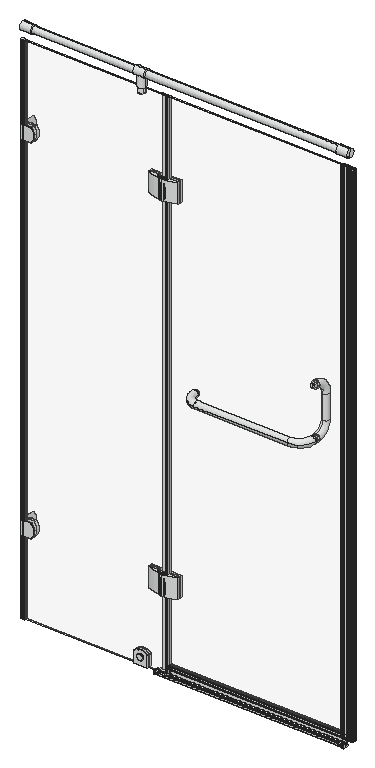
Revit family "Shower-Shower_Door-KOHLER-TRILGOY-K-72923T_1", category Specialty Equipment, host Face, Revit 2017
Family settings
  Host = Face
  Round Connector Dimension = Use Diameter
  Part Type = Normal
  OmniClass Number = 23.31.17.17
  OmniClass Title = Shower Enclosures
  Cut with Voids When Loaded = No
  Shared = No
  Room Calculation Point = No
Parameters (values of type "SHP-Polished Bright Silver")
  Width = 48 41/256"  # constant formula
  WaterSense Certified = 1 = 0  # no
  URL = "http://www.kohler.com.cn/"
  Type = 1
  Product Page URL = ""
  Product Name = "TRILGOY\r\n"  # constant formula
  Product Documentation Link = ""
  Model = if(Type = 1, "K-72923T-L-SHP", if(Type = 2, "K-72923T-L-2BL", "NA"))  # "K-72923T-L-SHP"
  Material = "Premium Metal Construction"  # constant formula
  Master Format 2014 Name = "Shower Doors"  # constant formula
  Master Format 2014 = "10 28 19.16"  # constant formula
  Manufacturer Address = "Kohler Beijing Office (100016) 36-2-03-B, No. 88, Liuxiang Road, Beijing"  # constant formula
  Manufacturer = "KOHLER Co."  # constant formula
  Length = 5 15/64"  # constant formula
  Height = 77 13/64"  # constant formula
  Finish = Kohler-Metal-SHP-Bright_Polished_Silver
  Environmental Product Declaration = ""
  Description = "Hinge screen, 1 door 1 panel on wall, 8mm thick glass"  # constant formula
  Default Elevation = 0"
  Declare Label = ""
  Date Modified = "08/26/2020"  # constant formula
  Date Created = "08/26/2020"  # constant formula
  Copyright = "Copyright KOHLER Co."  # constant formula
  Contact Us = "http://www.kohler.com.cn/contact/contact-us/"
  Assembly Code = "C1030200"
  ADA Compliant = 1 = 0  # no
Reference planes (in)
  plane 1 "Center (Front/Back)": y = 0
  plane 2: z = 0
  plane 3 "Center (Left/Right)": x = 0
  plane 4: z = 74.80315
  plane 5: z = 37.83465
  plane 6: z = 77.20313
  plane 7: x = -24.07977
  plane 8: x = 24.08039
  plane 9: y = 0.47244
  plane 10: y = -0.47235
  plane 11: y = -1.64196
  plane 12: y = -2.63016
  plane 13: y = 2.60422
  plane 14: x = 9.72755
  plane 15: x = 18.72493
  plane 16: x = 0.72715
  plane 17: x = 22.25591
  plane 18: x = -2.65784
  plane 19: z = 76.17148
  plane 20: z = 77.11636
  plane 21: y = 0.26003
  plane 22: y = -0.26003
Dimensions and locks (in)
  locked: plane 4 to plane 2 at 74.80315
  locked: plane 5 to plane 2 at 37.83465
  "Width": plane 7 to plane 8
  locked: plane 16 to plane 15 at 17.99778
  locked: plane 12 to plane 11 at 0.9882
  locked: plane 7 to plane 14 at 33.80732
  locked: plane 9 to plane 10 at 0.94479
  "Height": plane 6 to plane 2
  locked: plane 17 to plane 18 at 24.91375
  locked: plane 20 to plane 19 at 0.94488
  locked: plane 21 to plane 22 at 0.52006
  "Length": plane 13 to plane 12
  aligned and locked: plane 2 to host face
  aligned and locked: level to host face
Automatic sketch dimensions
  host sketch curve to host sketch curve = 96"  (x2)
Nested families (in)
  nested 1: "K-72923T" at (6.55211, 0, 0), type "K-72923T"
Definition of nested family "K-72923T"
  Parameters (values of type "K-72923T")
    Material = none
  Reference planes (in)
    plane 1 "Center (Front/Back)": y = 0
    plane 2: z = 0
    plane 3 "Center (Left/Right)": x = 0
    plane 4: z = 77.20472
    plane 5: z = 37.83465
    plane 6: z = 74.80315
    plane 7: x = -30.63188
    plane 8: x = 17.52765
    plane 9: x = -6.55211
    plane 10: z = 77.11636
    plane 11: z = 76.17148
    plane 12: x = -9.20995
    plane 13: x = 15.7038
    plane 14: y = 0.47244
    plane 15: y = -0.47235
    plane 16: x = 3.17544
    plane 17: y = 0.26003
    plane 18: y = -0.26003
    plane 19: y = -2.63016
    plane 20: y = 2.60597
    plane 21: x = -5.82496
    plane 22: x = 12.17282
    plane 23: y = -1.64196
  Forms (in)
    Extrusion 1, solid
      sketch origin (0, -0.17782, 0) x (0, 1, 0) y (0, 0, 1)
        loop
          line (0.32014, 1.29581) -> (0.32014, 74.80315) -> (0.00518, 74.80315) -> (0.00518, 1.29581) -> (0.32014, 1.29581)
      from -9.60236 to 16.18356
    Extrusion 2, solid, material <- "Material", detail levels medium+fine
      sketch origin (33.06942, -0.1784, 74.80095) x (0, 1, 0) y (0, 0, -1)
        loop
          line (0.18628, 73.94488) -> (0.17855, 74.51875)
          arc (0.17855, 74.51875) -> (0.16402, 74.53311) -> (0.14943, 74.51881) r 0.01456
          line (0.14943, 74.51881) -> (0.13904, 73.94488) -> (-0.03407, 73.94488)
          arc (-0.03407, 73.94488) -> (-0.07655, 73.92728) -> (-0.09415, 73.8848) r 0.06008
          line (-0.09415, 73.8848) -> (-0.09415, 73.82468)
          arc (-0.09415, 73.82468) -> (-0.08933, 73.72457) -> (-0.07493, 73.62538) r 1.04296
          line (-0.07493, 73.62538) -> (-0.03504, 73.42017)
          arc (-0.03504, 73.42017) -> (-0.0113, 73.40445) -> (0.004, 73.42846) r 0.01996
          line (0.004, 73.42846) -> (-0.0137, 73.50515) -> (0.00454, 73.58416)
          arc (0.00454, 73.58416) -> (-0.00375, 73.59742) -> (-0.01702, 73.58913) r 0.01106
          line (-0.01702, 73.58913) -> (-0.02439, 73.55721) -> (-0.04773, 73.70461) -> (-0.01416, 73.71113)
          arc (-0.01416, 73.71113) -> (-0.00355, 73.72534) -> (-0.01667, 73.73725) r 0.01318
          line (-0.01667, 73.73725) -> (-0.04877, 73.73725) -> (-0.0547, 73.86715)
          arc (-0.0547, 73.86715) -> (-0.04666, 73.88862) -> (-0.02558, 73.89764) r 0.02915
          line (-0.02558, 73.89764) -> (0.34986, 73.89764)
          arc (0.34986, 73.89764) -> (0.37094, 73.88862) -> (0.37899, 73.86715) r 0.02915
          line (0.37899, 73.86715) -> (0.37306, 73.73725) -> (0.34096, 73.73725)
          arc (0.34096, 73.73725) -> (0.32784, 73.72534) -> (0.33844, 73.71113) r 0.01318
          line (0.33844, 73.71113) -> (0.37202, 73.70461) -> (0.34867, 73.55721) -> (0.3413, 73.58913)
          arc (0.3413, 73.58913) -> (0.32804, 73.59742) -> (0.31975, 73.58416) r 0.01106
          line (0.31975, 73.58416) -> (0.33799, 73.50515) -> (0.32028, 73.42846)
          arc (0.32028, 73.42846) -> (0.33558, 73.40445) -> (0.35933, 73.42017) r 0.01996
          line (0.35933, 73.42017) -> (0.39922, 73.62538)
          arc (0.39922, 73.62538) -> (0.41362, 73.72457) -> (0.41843, 73.82468) r 1.04296
          line (0.41843, 73.82468) -> (0.41843, 73.8848)
          arc (0.41843, 73.8848) -> (0.40084, 73.92728) -> (0.35835, 73.94488) r 0.06008
          line (0.35835, 73.94488) -> (0.18628, 73.94488)
      from 16.68901 to 42.46462
    Extrusion 3, solid
      sketch origin (28.93701, -0.21473, 0) x (0, 1, 0) y (0, 0, 1)
        loop
          line (0.35702, 0) -> (0.35702, 74.80315) -> (0.04206, 74.80315) -> (0.04206, 0) -> (0.35702, 0)
      from -59.14544 to -38.57874
    Revolve 4, solid, material <- "Material", detail levels coarse
      sketch origin (0, 0, 0) x (1, 0, 0) y (0, 0, 1)
        loop
          line (-30.35344, 77.20472) -> (-30.35344, 76.63878) -> (16.8915, 76.63878) -> (16.8915, 77.20472) -> (-30.35344, 77.20472)
        axis (16.8915, 76.63878) -> (-30.35344, 76.63878)
      angle from 0 to 360
    Extrusion 5, solid, material <- "Material", detail levels coarse
      sketch origin (33.77418, -0.59146, 74.66882) x (0, 1, 0) y (0, 0, 1)
        loop
          line (0.38134, -74.66882) -> (0.38134, -74.26038)
          arc (0.38134, -74.26038) -> (0.37412, -74.24296) -> (0.3567, -74.23575) r 0.02463
          line (0.3567, -74.23575) -> (-0.1855, -74.23575)
          arc (-0.1855, -74.23575) -> (-0.28157, -74.27554) -> (-0.32136, -74.37161) r 0.13586
          line (-0.32136, -74.37161) -> (-0.32136, -74.66882) -> (0.38134, -74.66882)
      from -44.55912 to -17.14568
    Revolve 6, solid, material <- "Material", detail levels medium+fine
      sketch origin (36.06498, 0, 0) x (-1, 0, 0) y (0, 0, 1)
        loop
          line (19.17348, 77.20472) -> (19.17348, 76.64392) -> (66.4117, 76.64392) -> (66.4117, 77.20472) -> (64.84304, 77.20472) -> (64.84304, 77.11636) -> (50.07742, 77.11636) -> (50.07742, 77.20472) -> (48.50262, 77.20472) -> (48.50262, 77.11636) -> (20.74856, 77.11636) -> (20.74856, 77.20472) -> (19.17348, 77.20472)
        axis (66.4117, 76.64392) -> (19.17348, 76.64392)
      angle from 0 to 360
    Revolve 7, solid, material <- "Material"
      sketch origin (38.31821, 0, 0) x (-1, 0, 0) y (0, 0, 1)
        loop
          line (51.51977, 73.96551) -> (51.85952, 73.96551)
          arc (51.85952, 73.96551) -> (51.91734, 73.98947) -> (51.9413, 74.04729) r 0.08178
          line (51.9413, 74.04729) -> (51.9413, 74.80315) -> (52.03801, 74.80315) -> (52.03801, 76.67898) -> (51.51977, 76.67898) -> (51.51977, 73.96551)
        axis (51.51977, 73.96551) -> (51.51977, 76.67898)
      angle from 0 to 360
    Extrusion 8, void
      sketch origin (38.31821, 0, 0) x (0, 1, 0) y (0, 0, -1)
        loop
          line (-0.22185, -74.80315) -> (0.19643, -74.80315) -> (0.19643, -73.91829) -> (-0.22185, -73.91829) -> (-0.22185, -74.80315)
      from 50.58425 to 52.40471
    Extrusion 9, solid, material <- "Material", detail levels medium+fine
      sketch origin (36.17866, 0, 0) x (-1, 0, 0) y (0, -1, 0)
        loop
          arc (66.38709, 0.23172) -> (66.26165, 0.22551) -> (66.13744, 0.20694) r 1.26993
          line (66.13744, 0.20694) -> (66.13744, 0.17267) -> (66.38709, 0.17267) -> (66.38709, -0.14107) -> (66.13744, -0.14107) -> (66.13744, -0.17534)
          arc (66.13744, -0.17534) -> (66.26165, -0.19391) -> (66.38709, -0.20012) r 1.26993
          line (66.38709, -0.20012) -> (66.59462, -0.20012)
          arc (66.59462, -0.20012) -> (66.81054, 0.0158) -> (66.59462, 0.23172) r 0.21592
          line (66.59462, 0.23172) -> (66.38709, 0.23172)
      from 0 to 74.80315
    Extrusion 10, solid, material <- "Material", detail levels medium+fine
      sketch origin (36.03115, 0, 0) x (-1, 0, 0) y (0, 0, -1)
        loop
          line (65.08716, -63.97638) -> (66.44207, -63.97638) -> (66.44207, -62.00788) -> (65.07871, -62.00788)
          arc (65.07871, -62.00788) -> (64.9919, -62.02805) -> (64.92289, -62.08444) r 0.19685
          arc (64.92289, -62.08444) -> (64.61274, -62.9849) -> (64.91203, -63.88902) r 1.48825
          arc (64.91203, -63.88902) -> (64.98931, -63.95333) -> (65.08716, -63.97638) r 0.21921
      from -0.62938 to -0.31946
    Extrusion 11, solid, material <- "Material", detail levels medium+fine
      sketch origin (36.03115, 0.02126, 0) x (-1, 0, 0) y (0, 0, 1)
        loop
          arc (65.08716, 63.97638) -> (64.98931, 63.95333) -> (64.91203, 63.88902) r 0.21921
          arc (64.91203, 63.88902) -> (64.61274, 62.9849) -> (64.92289, 62.08444) r 1.48825
          arc (64.92289, 62.08444) -> (64.9919, 62.02805) -> (65.07871, 62.00788) r 0.19685
          line (65.07871, 62.00788) -> (66.44207, 62.00788) -> (66.44207, 63.97638) -> (65.08716, 63.97638)
      from -0.28989 to -0.19393
    Extrusion 12, solid, material <- "Material", detail levels medium+fine
      sketch origin (36.03115, 0.13533, 0) x (0, 1, 0) y (0, 0, -1)
        loop
          arc (1.78644, -63.97638) -> (1.87428, -63.9557) -> (1.94366, -63.89799) r 0.19685
          arc (1.94366, -63.89799) -> (2.2472, -62.99276) -> (1.94616, -62.08671) r 1.50777
          arc (1.94616, -62.08671) -> (1.8767, -62.02868) -> (1.78861, -62.00788) r 0.19685
          line (1.78861, -62.00788) -> (0.18413, -62.00788) -> (0.18413, -63.97638) -> (1.78644, -63.97638)
      from 66.44207 to 66.58394
    Extrusion 13, solid, material <- "Material", detail levels medium+fine
      sketch origin (36.03115, 0, -51.18385) x (-1, 0, 0) y (0, 0, -1)
        loop
          line (65.08716, -63.97638) -> (66.44207, -63.97638) -> (66.44207, -62.00788) -> (65.07871, -62.00788)
          arc (65.07871, -62.00788) -> (64.9919, -62.02805) -> (64.92289, -62.08444) r 0.19685
          arc (64.92289, -62.08444) -> (64.61274, -62.9849) -> (64.91203, -63.88902) r 1.48825
          arc (64.91203, -63.88902) -> (64.98931, -63.95333) -> (65.08716, -63.97638) r 0.21921
      from -0.62938 to -0.31946
    Extrusion 14, solid, material <- "Material", detail levels medium+fine
      sketch origin (36.03115, 0.02126, -51.18385) x (-1, 0, 0) y (0, 0, 1)
        loop
          arc (65.08716, 63.97638) -> (64.98931, 63.95333) -> (64.91203, 63.88902) r 0.21921
          arc (64.91203, 63.88902) -> (64.61274, 62.9849) -> (64.92289, 62.08444) r 1.48825
          arc (64.92289, 62.08444) -> (64.9919, 62.02805) -> (65.07871, 62.00788) r 0.19685
          line (65.07871, 62.00788) -> (66.44207, 62.00788) -> (66.44207, 63.97638) -> (65.08716, 63.97638)
      from -0.28989 to -0.19393
    Extrusion 15, solid, material <- "Material", detail levels medium+fine
      sketch origin (36.03115, 0.13533, -51.18385) x (0, 1, 0) y (0, 0, -1)
        loop
          arc (1.78644, -63.97638) -> (1.87428, -63.9557) -> (1.94366, -63.89799) r 0.19685
          arc (1.94366, -63.89799) -> (2.2472, -62.99276) -> (1.94616, -62.08671) r 1.50777
          arc (1.94616, -62.08671) -> (1.8767, -62.02868) -> (1.78861, -62.00788) r 0.19685
          line (1.78861, -62.00788) -> (0.18413, -62.00788) -> (0.18413, -63.97638) -> (1.78644, -63.97638)
      from 66.44207 to 66.58394
    Sweep 16, solid, material <- "Material"
      path origin (2.92205, -0.09227, 0) x (-1, 0, 0) y (0, 1, 0)
        loop
          line (-9.22931, -0.0791) -> (-9.22931, -0.27595)
          arc (-9.22931, -0.27595) -> (-8.57278, -1.86097) -> (-6.98776, -2.51751) r 2.24156
          line (-6.98776, -2.51751) -> (6.48406, -2.51751)
          arc (6.48406, -2.51751) -> (8.06908, -1.86097) -> (8.72562, -0.27595) r 2.24156
          line (8.72562, -0.27595) -> (8.72562, -0.13386)
      profile origin (3.1739, -2.60978, 0) x (0, -1, 0) y (0, 0, 1)
        loop
          circle (-0.47192, 37.85475) r 0.49592
    Sweep 17, solid, material <- "Material"
      path origin (53.85709, -0.29528, 74.76523) x (0, 1, 0) y (0, 0, -1)
        loop
          line (0.43592, 37.40654) -> (0.63204, 37.40654)
          arc (0.63204, 37.40654) -> (2.23556, 36.74234) -> (2.89976, 35.13882) r 2.26772
          line (2.89976, 35.13882) -> (2.89976, 31.71911)
          arc (2.89976, 31.71911) -> (2.23556, 30.11559) -> (0.63204, 29.4514) r 2.26772
          line (0.63204, 29.4514) -> (0.43757, 29.4514)
      profile origin (53.85709, 2.60448, 41.33626) x (0, 1, 0) y (-1, 0, 0)
        loop
          circle (-0.49295, 42.18206) r 0.4926
    Extrusion 18, solid, material <- "Material"
      sketch origin (36.85414, 0, 0) x (-1, 0, 0) y (0, 0, -1)
        loop
          circle (25.1747, -37.85475) r 0.25339
        loop
          circle (42.18578, -37.85475) r 0.25588
      from -0.16408 to 0.30787
    Revolve 19, solid, material <- "Material"
      sketch origin (11.6742, 0, 0.0123) x (0, 1, 0) y (0, 0, -1)
        loop
          line (0.10539, -44.82088) -> (-0.20957, -44.82088) -> (-0.20957, -45.11918) -> (0.10539, -45.11918) -> (0.10539, -44.82088)
        axis (0.10539, -44.82088) -> (-0.20957, -44.82088)
      angle from 0 to 360
    Extrusion 20, solid, material <- "Material", detail levels medium+fine
      sketch origin (3.60288, -0.1784, 0) x (1, 0, 0) y (0, 1, 0)
        loop
          line (12.50441, -0.09311) -> (12.63248, -0.09311)
          arc (12.63248, -0.09311) -> (12.82914, -0.11223) -> (13.02562, -0.09131) r 0.97517
          line (13.02562, -0.09131) -> (13.11373, -0.00321)
          arc (13.11373, -0.00321) -> (13.12016, 0.01233) -> (13.11373, 0.02787) r 0.02197
          line (13.11373, 0.02787) -> (12.72791, 0.41369)
          arc (12.72791, 0.41369) -> (12.61621, 0.41867) -> (12.50441, 0.41802) r 2.21716
          arc (12.50441, 0.41802) -> (12.40035, 0.41148) -> (12.29691, 0.39834) r 1.64069
          arc (12.29691, 0.39834) -> (12.19969, 0.38074) -> (12.10328, 0.3591) r 2.36632
          arc (12.10328, 0.3591) -> (12.08886, 0.33544) -> (12.11241, 0.32085) r 0.01967
          line (12.11241, 0.32085) -> (12.19154, 0.33911) -> (12.26652, 0.32122)
          arc (12.26652, 0.32122) -> (12.27838, 0.3285) -> (12.27109, 0.34036) r 0.00984
          line (12.27109, 0.34036) -> (12.238, 0.34826)
          arc (12.238, 0.34826) -> (12.31173, 0.36045) -> (12.38587, 0.3698) r 1.9463
          line (12.38587, 0.3698) -> (12.39331, 0.3332)
          arc (12.39331, 0.3332) -> (12.40825, 0.32269) -> (12.41959, 0.33701) r 0.0133
          line (12.41959, 0.33701) -> (12.41646, 0.37282)
          arc (12.41646, 0.37282) -> (12.45824, 0.37702) -> (12.50021, 0.37842) r 0.62902
          line (12.50021, 0.37842) -> (12.55046, 0.37842)
          arc (12.55046, 0.37842) -> (12.56948, 0.37054) -> (12.57736, 0.35151) r 0.02691
          line (12.57736, 0.35151) -> (12.57736, -0.02661)
          arc (12.57736, -0.02661) -> (12.56948, -0.04563) -> (12.55046, -0.05351) r 0.02691
          line (12.55046, -0.05351) -> (12.50021, -0.05351)
          arc (12.50021, -0.05351) -> (12.45824, -0.05211) -> (12.41646, -0.04791) r 0.62902
          line (12.41646, -0.04791) -> (12.41959, -0.0121)
          arc (12.41959, -0.0121) -> (12.40825, 0.00222) -> (12.39331, -0.00829) r 0.0133
          line (12.39331, -0.00829) -> (12.38587, -0.04489)
          arc (12.38587, -0.04489) -> (12.31173, -0.03554) -> (12.238, -0.02335) r 1.9463
          line (12.238, -0.02335) -> (12.27109, -0.01545)
          arc (12.27109, -0.01545) -> (12.27838, -0.0036) -> (12.26652, 0.00369) r 0.00984
          line (12.26652, 0.00369) -> (12.19154, -0.01421) -> (12.10926, 0.00479)
          arc (12.10926, 0.00479) -> (12.08563, -0.01019) -> (12.10092, -0.03361) r 0.01965
          line (12.10092, -0.03361) -> (12.29691, -0.07343)
          arc (12.29691, -0.07343) -> (12.40019, -0.08818) -> (12.50441, -0.09311) r 1.10335
        loop
          arc (12.63248, -0.07343) -> (12.81702, -0.09442) -> (13.00197, -0.07752) r 0.91052
          line (13.00197, -0.07752) -> (12.73663, 0.18782)
          arc (12.73663, 0.18782) -> (12.72975, 0.20442) -> (12.73663, 0.22102) r 0.02347
          line (12.73663, 0.22102) -> (12.79918, 0.28356)
          arc (12.79918, 0.28356) -> (12.8056, 0.29907) -> (12.79918, 0.31458) r 0.02193
          line (12.79918, 0.31458) -> (12.71542, 0.39834) -> (12.63248, 0.39834) -> (12.63248, -0.07343)
        loop
          line (12.82582, 0.28794) -> (12.75685, 0.21896)
          arc (12.75685, 0.21896) -> (12.75082, 0.20442) -> (12.75685, 0.18988) r 0.02057
          line (12.75685, 0.18988) -> (13.02069, -0.07397) -> (13.0891, -0.00557)
          arc (13.0891, -0.00557) -> (13.09535, 0.00955) -> (13.0891, 0.02466) r 0.02137
          line (13.0891, 0.02466) -> (12.82582, 0.28794)
        loop
          arc (13.52005, -0.09311) -> (13.62095, -0.08849) -> (13.72101, -0.07466) r 1.10335
          line (13.72101, -0.07466) -> (13.90949, -0.03637)
          arc (13.90949, -0.03637) -> (13.92478, -0.01295) -> (13.90115, 0.00203) r 0.01965
          line (13.90115, 0.00203) -> (13.83189, -0.01396) -> (13.75794, 0.00369)
          arc (13.75794, 0.00369) -> (13.74608, -0.0036) -> (13.75337, -0.01545) r 0.00984
          line (13.75337, -0.01545) -> (13.78646, -0.02335)
          arc (13.78646, -0.02335) -> (13.71273, -0.03554) -> (13.63859, -0.04489) r 1.9463
          line (13.63859, -0.04489) -> (13.63115, -0.00829)
          arc (13.63115, -0.00829) -> (13.61621, 0.00222) -> (13.60487, -0.0121) r 0.0133
          line (13.60487, -0.0121) -> (13.608, -0.04791)
          arc (13.608, -0.04791) -> (13.56622, -0.05211) -> (13.52425, -0.05351) r 0.62902
          line (13.52425, -0.05351) -> (13.474, -0.05351)
          arc (13.474, -0.05351) -> (13.45498, -0.04563) -> (13.44709, -0.02661) r 0.02691
          line (13.44709, -0.02661) -> (13.44709, 0.35151)
          arc (13.44709, 0.35151) -> (13.45498, 0.37054) -> (13.474, 0.37842) r 0.02691
          line (13.474, 0.37842) -> (13.52425, 0.37842)
          arc (13.52425, 0.37842) -> (13.56622, 0.37702) -> (13.608, 0.37282) r 0.62902
          line (13.608, 0.37282) -> (13.60487, 0.33701)
          arc (13.60487, 0.33701) -> (13.61621, 0.32269) -> (13.63115, 0.3332) r 0.0133
          line (13.63115, 0.3332) -> (13.63859, 0.3698)
          arc (13.63859, 0.3698) -> (13.71273, 0.36045) -> (13.78646, 0.34826) r 1.9463
          line (13.78646, 0.34826) -> (13.75337, 0.34036)
          arc (13.75337, 0.34036) -> (13.74608, 0.3285) -> (13.75794, 0.32122) r 0.00984
          line (13.75794, 0.32122) -> (13.83573, 0.33978) -> (13.90146, 0.32461)
          arc (13.90146, 0.32461) -> (13.92507, 0.33952) -> (13.90994, 0.36298) r 0.01965
          arc (13.90994, 0.36298) -> (13.81195, 0.38326) -> (13.71382, 0.40282) r 13.69453
          arc (13.71382, 0.40282) -> (13.55342, 0.4219) -> (13.39198, 0.41686) r 1.08114
          arc (13.39198, 0.41686) -> (13.2061, 0.43786) -> (13.01971, 0.42204) r 0.95032
          arc (13.01971, 0.42204) -> (12.99574, 0.41373) -> (12.97532, 0.39868) r 0.08458
          line (12.97532, 0.39868) -> (12.9074, 0.33077)
          arc (12.9074, 0.33077) -> (12.90097, 0.31523) -> (12.9074, 0.2997) r 0.02197
          line (12.9074, 0.2997) -> (13.28119, -0.07409)
          arc (13.28119, -0.07409) -> (13.30226, -0.08817) -> (13.32712, -0.09311) r 0.06494
          line (13.32712, -0.09311) -> (13.52005, -0.09311)
        loop
          line (13.39198, -0.07343) -> (13.39198, 0.39834)
          arc (13.39198, 0.39834) -> (13.20691, 0.4191) -> (13.0214, 0.40284) r 0.93659
          line (13.0214, 0.40284) -> (13.28674, 0.1375)
          arc (13.28674, 0.1375) -> (13.29362, 0.1209) -> (13.28674, 0.1043) r 0.02347
          line (13.28674, 0.1043) -> (13.2242, 0.04176)
          arc (13.2242, 0.04176) -> (13.21777, 0.02625) -> (13.2242, 0.01074) r 0.02193
          line (13.2242, 0.01074) -> (13.3046, -0.06966) -> (13.39198, -0.07343)
        loop
          line (13.19755, 0.03739) -> (13.26653, 0.10636)
          arc (13.26653, 0.10636) -> (13.27255, 0.1209) -> (13.26653, 0.13544) r 0.02057
          line (13.26653, 0.13544) -> (13.00268, 0.39929) -> (12.93428, 0.33089)
          arc (12.93428, 0.33089) -> (12.92802, 0.31577) -> (12.93428, 0.30066) r 0.02137
          line (12.93428, 0.30066) -> (13.19755, 0.03739)
      from 0.7874 to 74.80315
    Extrusion 21, solid, material <- "Material", detail levels medium+fine
      sketch origin (3.61722, -0.21645, 23.65896) x (-1, 0, 0) y (0, 0, -1)
        loop
          line (12.71391, 13.20286) -> (11.33596, 13.20286) -> (11.33596, 10.44073) -> (12.71391, 10.44073) -> (12.71391, 13.20286)
        loop
          circle (12.07567, 12.71537) r 0.2374
        loop
          circle (12.07721, 10.94218) r 0.23549
        loop
          line (12.71391, -37.93651) -> (11.33596, -37.93651) -> (11.33596, -40.69288) -> (12.71391, -40.69288) -> (12.71391, -37.93651)
        loop
          circle (12.07875, -38.42636) r 0.2374
        loop
          circle (12.08029, -40.19955) r 0.23549
      from -0.595 to -0.35874
    Extrusion 22, solid, material <- "Material", detail levels medium+fine
      sketch origin (3.60704, -0.21645, 0) x (1, 0, 0) y (0, 1, 0)
        loop
          line (-12.65948, 0.00518) -> (-12.65948, -0.1401)
          arc (-12.65948, -0.1401) -> (-12.88506, -0.41125) -> (-13.19273, -0.23876) r 0.27575
          arc (-13.19273, -0.23876) -> (-13.28522, -0.117) -> (-13.42866, -0.06402) r 0.27315
          arc (-13.42866, -0.06402) -> (-13.44819, -0.04809) -> (-13.43973, -0.02435) r 0.02186
          line (-13.43973, -0.02435) -> (-13.73081, -0.02435)
          arc (-13.73081, -0.02435) -> (-13.70579, -0.14958) -> (-13.71614, -0.27687) r 0.46033
          arc (-13.71614, -0.27687) -> (-13.64682, -0.5295) -> (-13.39872, -0.61361) r 0.27933
          line (-13.39872, -0.61361) -> (-13.28446, -0.60962)
          arc (-13.28446, -0.60962) -> (-12.28239, -0.45554) -> (-11.34388, -0.07204) r 4.31799
          arc (-11.34388, -0.07204) -> (-11.32395, -0.02571) -> (-11.36382, 0.00518) r 0.04119
          line (-11.36382, 0.00518) -> (-12.65948, 0.00518)
        loop
          circle (-13.44663, -0.33944) r 0.11896
      from 61.58492 to 64.34705
    Extrusion 23, solid, material <- "Material", detail levels medium+fine
      sketch origin (3.60704, -0.21645, -51.1811) x (1, 0, 0) y (0, 1, 0)
        loop
          line (-12.65783, 0.00518) -> (-12.65783, -0.1401)
          arc (-12.65783, -0.1401) -> (-12.88341, -0.41125) -> (-13.19108, -0.23876) r 0.27575
          arc (-13.19108, -0.23876) -> (-13.28357, -0.117) -> (-13.42701, -0.06402) r 0.27315
          arc (-13.42701, -0.06402) -> (-13.44654, -0.04809) -> (-13.43808, -0.02435) r 0.02186
          line (-13.43808, -0.02435) -> (-13.73081, -0.02435)
          arc (-13.73081, -0.02435) -> (-13.70579, -0.14958) -> (-13.71614, -0.27687) r 0.46033
          arc (-13.71614, -0.27687) -> (-13.64682, -0.5295) -> (-13.39872, -0.61361) r 0.27933
          line (-13.39872, -0.61361) -> (-13.28446, -0.60962)
          arc (-13.28446, -0.60962) -> (-12.28239, -0.45554) -> (-11.34388, -0.07204) r 4.31799
          arc (-11.34388, -0.07204) -> (-11.32395, -0.02571) -> (-11.36382, 0.00518) r 0.04119
          line (-11.36382, 0.00518) -> (-12.65783, 0.00518)
        loop
          circle (-13.44663, -0.33944) r 0.11896
      from 61.63242 to 64.38878
    Extrusion 24, solid, material <- "Material", detail levels medium+fine
      sketch origin (-64.76378, 0, 0) x (1, 0, 0) y (0, 0, 1)
        loop
          line (52.52882, -0.00393) -> (52.52882, 1.49866)
          arc (52.52882, 1.49866) -> (52.50605, 1.5941) -> (52.44265, 1.66897) r 0.21139
          arc (52.44265, 1.66897) -> (51.48908, 1.96197) -> (50.56032, 1.59793) r 1.5135
          line (50.56032, 1.59793) -> (50.56032, -0.00393) -> (52.52882, -0.00393)
      from -0.41789 to -0.18413
    Extrusion 25, solid, material <- "Material", detail levels medium+fine
      sketch origin (-64.76378, 0, 0) x (1, 0, 0) y (0, 0, 1)
        loop
          circle (51.54457, 1.05906) r 0.42362
      from -0.28254 to -0.26
    Extrusion 26, solid, material <- "Material", detail levels medium+fine
      sketch origin (-64.76378, 0, 0) x (1, 0, 0) y (0, 0, -1)
        loop
          line (52.52882, 0.00393) -> (50.56032, 0.00393) -> (50.56032, -1.59793)
          arc (50.56032, -1.59793) -> (51.48908, -1.96197) -> (52.44265, -1.66897) r 1.5135
          arc (52.44265, -1.66897) -> (52.50605, -1.5941) -> (52.52882, -1.49866) r 0.21139
          line (52.52882, -1.49866) -> (52.52882, 0.00393)
      from -0.27314 to -0.20955
    Extrusion 27, solid, material <- "Material", detail levels medium+fine
      sketch origin (-64.76378, 0, 0) x (1, 0, 0) y (0, 0, -1)
        loop
          circle (51.54457, -1.05906) r 0.42362
      from -0.29697 to -0.27314
    Extrusion 28, solid, material <- "Material", detail levels medium+fine
      sketch origin (2.20237, -0.55455, 74.66882) x (0, 1, 0) y (0, 0, -1)
        loop
          line (0.38134, 74.66882) -> (-0.35827, 74.66882) -> (-0.35827, 74.37161)
          arc (-0.35827, 74.37161) -> (-0.31847, 74.27554) -> (-0.22241, 74.23575) r 0.13586
          line (-0.22241, 74.23575) -> (0.3567, 74.23575)
          arc (0.3567, 74.23575) -> (0.37412, 74.24296) -> (0.38134, 74.26038) r 0.02463
          line (0.38134, 74.26038) -> (0.38134, 74.66882)
      from 12.8692 to 12.98731
    Extrusion 29, solid, material <- "Material", detail levels medium+fine
      sketch origin (2.20237, -0.55455, 74.66882) x (0, 1, 0) y (0, 0, -1)
        loop
          line (0.35827, 74.49596) -> (0.35827, 74.66882) -> (0.31032, 74.66882) -> (0.31032, 74.51969) -> (0.15512, 74.51969)
          arc (0.15512, 74.51969) -> (0.1016, 74.51123) -> (0.05329, 74.48668) r 0.1736
          line (0.05329, 74.48668) -> (-0.1879, 74.31197)
          arc (-0.1879, 74.31197) -> (-0.26789, 74.30576) -> (-0.30978, 74.37418) r 0.07682
          line (-0.30978, 74.37418) -> (-0.30978, 74.66882) -> (-0.35827, 74.66882) -> (-0.35827, 74.3767)
          arc (-0.35827, 74.3767) -> (-0.2818, 74.25099) -> (-0.13501, 74.2611) r 0.14155
          line (-0.13501, 74.2611) -> (0.10838, 74.43312)
          arc (0.10838, 74.43312) -> (0.14295, 74.45031) -> (0.18109, 74.45622) r 0.12598
          line (0.18109, 74.45622) -> (0.31852, 74.45622)
          arc (0.31852, 74.45622) -> (0.34663, 74.46786) -> (0.35827, 74.49596) r 0.03974
      from 11.41361 to 12.8692
    Extrusion 30, solid, material <- "Material", detail levels medium+fine
      sketch origin (2.90713, -0.55518, 74.66882) x (0, 1, 0) y (0, 0, 1)
        loop
          line (-0.1523, -74.6063) -> (0.12329, -74.6063) -> (0.12329, -74.64061)
          arc (0.12329, -74.64061) -> (0.12911, -74.65465) -> (0.14315, -74.66046) r 0.01986
          line (0.14315, -74.66046) -> (0.18247, -74.66046)
          arc (0.18247, -74.66046) -> (0.1963, -74.65473) -> (0.20203, -74.6409) r 0.01956
          line (0.20203, -74.6409) -> (0.20203, -74.6063) -> (0.24971, -74.6063)
          arc (0.24971, -74.6063) -> (0.29302, -74.56299) -> (0.24971, -74.51969) r 0.04331
          line (0.24971, -74.51969) -> (0.15512, -74.51969)
          arc (0.15512, -74.51969) -> (0.1016, -74.51123) -> (0.05329, -74.48668) r 0.1736
          line (0.05329, -74.48668) -> (-0.1879, -74.31197)
          arc (-0.1879, -74.31197) -> (-0.26789, -74.30576) -> (-0.30978, -74.37418) r 0.07682
          line (-0.30978, -74.37418) -> (-0.30978, -74.58409)
          arc (-0.30978, -74.58409) -> (-0.30328, -74.59979) -> (-0.28757, -74.6063) r 0.02221
          line (-0.28757, -74.6063) -> (-0.23104, -74.6063) -> (-0.23104, -74.63947)
          arc (-0.23104, -74.63947) -> (-0.22512, -74.65377) -> (-0.21082, -74.65969) r 0.02022
          line (-0.21082, -74.65969) -> (-0.17285, -74.65969)
          arc (-0.17285, -74.65969) -> (-0.15832, -74.65368) -> (-0.1523, -74.63914) r 0.02055
          line (-0.1523, -74.63914) -> (-0.1523, -74.6063)
      from -13.57396 to 13.69021
    Extrusion 31, solid, material <- "Material", detail levels medium+fine
      sketch origin (2.97812, -0.55455, 74.66882) x (0, 1, 0) y (0, 0, 1)
        loop
          line (0.35827, -74.66882) -> (0.35827, -74.49596)
          arc (0.35827, -74.49596) -> (0.34663, -74.46786) -> (0.31852, -74.45622) r 0.03974
          line (0.31852, -74.45622) -> (0.18109, -74.45622)
          arc (0.18109, -74.45622) -> (0.14295, -74.45031) -> (0.10838, -74.43312) r 0.12598
          line (0.10838, -74.43312) -> (-0.13501, -74.2611)
          arc (-0.13501, -74.2611) -> (-0.2818, -74.25099) -> (-0.35827, -74.3767) r 0.14155
          line (-0.35827, -74.3767) -> (-0.35827, -74.66882) -> (0.35827, -74.66882)
      from 13.61921 to 13.65858
    Extrusion 32, solid, material <- "Material", detail levels medium+fine
      sketch origin (2.97812, -0.55455, 74.66882) x (0, 1, 0) y (0, 0, 1)
        loop
          arc (0.35827, -74.49596) -> (0.34663, -74.46786) -> (0.31852, -74.45622) r 0.03974
          line (0.31852, -74.45622) -> (0.18109, -74.45622)
          arc (0.18109, -74.45622) -> (0.14295, -74.45031) -> (0.10838, -74.43312) r 0.12598
          line (0.10838, -74.43312) -> (-0.13501, -74.2611)
          arc (-0.13501, -74.2611) -> (-0.2818, -74.25099) -> (-0.35827, -74.3767) r 0.14155
          line (-0.35827, -74.3767) -> (-0.35827, -74.66882) -> (-0.30978, -74.66882) -> (-0.30978, -74.37418)
          arc (-0.30978, -74.37418) -> (-0.26789, -74.30576) -> (-0.1879, -74.31197) r 0.07682
          line (-0.1879, -74.31197) -> (0.05329, -74.48668)
          arc (0.05329, -74.48668) -> (0.1016, -74.51123) -> (0.15512, -74.51969) r 0.1736
          line (0.15512, -74.51969) -> (0.31032, -74.51969) -> (0.31032, -74.66882) -> (0.35827, -74.66882) -> (0.35827, -74.49596)
      from 12.87118 to 13.61921
    Extrusion 33, solid, material <- "Material", detail levels medium+fine
      sketch origin (35.97655, 0, 0) x (-1, 0, 0) y (0, 0, -1)
        loop
          line (46.76149, 0) -> (45.85598, 0) -> (45.85598, -0.19263)
          arc (45.85598, -0.19263) -> (45.86183, -0.20675) -> (45.87595, -0.2126) r 0.01997
          line (45.87595, -0.2126) -> (46.74102, -0.2126)
          arc (46.74102, -0.2126) -> (46.75549, -0.20661) -> (46.76149, -0.19213) r 0.02047
          line (46.76149, -0.19213) -> (46.76149, 0)
      from -0.41789 to 0.20957
    Extrusion 34, solid, material <- "Material", detail levels medium+fine
      sketch origin (0, 0, 0) x (1, 0, 0) y (0, 1, 0)
        loop
          arc (-11.92599, -0.17267) -> (-11.96413, -0.2021) -> (-11.94531, -0.24645) r 0.03942
          arc (-11.94531, -0.24645) -> (-11.07992, -0.6139) -> (-10.15502, -0.7826) r 4.26041
          line (-10.15502, -0.7826) -> (-10.20101, -0.52175)
          arc (-10.20101, -0.52175) -> (-10.47967, -0.55522) -> (-10.62957, -0.31794) r 0.26274
          line (-10.62957, -0.31794) -> (-10.62957, -0.21111)
          arc (-10.62957, -0.21111) -> (-10.64083, -0.18393) -> (-10.66802, -0.17267) r 0.03844
          line (-10.66802, -0.17267) -> (-11.92599, -0.17267)
      from 10.4561 to 13.21823
    Extrusion 35, solid, material <- "Material", detail levels medium+fine
      sketch origin (0, 0, 0) x (1, 0, 0) y (0, 1, 0)
        loop
          arc (-10.10909, -0.49331) -> (-10.15346, -0.51268) -> (-10.20101, -0.52175) r 0.21737
          line (-10.20101, -0.52175) -> (-10.15502, -0.7826) -> (-9.98402, -0.79156)
          arc (-9.98402, -0.79156) -> (-10.09411, -0.66238) -> (-10.10909, -0.49331) r 0.27933
      from 11.16142 to 12.5012
    Extrusion 36, solid, material <- "Material", detail levels medium+fine
      sketch origin (-0.00085, 0, 51.12943) x (1, 0, 0) y (0, 1, 0)
        loop
          arc (-11.92599, -0.17267) -> (-11.96413, -0.2021) -> (-11.94531, -0.24645) r 0.03942
          arc (-11.94531, -0.24645) -> (-11.07992, -0.6139) -> (-10.15502, -0.7826) r 4.26041
          line (-10.15502, -0.7826) -> (-10.20101, -0.52175)
          arc (-10.20101, -0.52175) -> (-10.47967, -0.55522) -> (-10.62957, -0.31794) r 0.26274
          line (-10.62957, -0.31794) -> (-10.62957, -0.21111)
          arc (-10.62957, -0.21111) -> (-10.64083, -0.18393) -> (-10.66802, -0.17267) r 0.03844
          line (-10.66802, -0.17267) -> (-11.92599, -0.17267)
      from 10.4561 to 13.21823
    Extrusion 37, solid, material <- "Material", detail levels medium+fine
      sketch origin (-0.00085, 0, 51.12943) x (1, 0, 0) y (0, 1, 0)
        loop
          arc (-10.10909, -0.49331) -> (-10.15346, -0.51268) -> (-10.20101, -0.52175) r 0.21737
          line (-10.20101, -0.52175) -> (-10.15502, -0.7826) -> (-9.98402, -0.79156)
          arc (-9.98402, -0.79156) -> (-10.09411, -0.66238) -> (-10.10909, -0.49331) r 0.27933
      from 11.16142 to 12.5012
    Extrusion 38, solid, material <- "Material", detail levels medium+fine
      sketch origin (-23.30448, -0.21645, 23.65896) x (1, 0, 0) y (0, 0, 1)
        loop
          line (12.71391, -13.20286) -> (12.71391, -10.44073) -> (11.33596, -10.44073) -> (11.33596, -13.20286) -> (12.71391, -13.20286)
        loop
          circle (12.07567, -12.71537) r 0.2374
        loop
          circle (12.07721, -10.94218) r 0.23549
        loop
          line (12.71391, 37.93651) -> (12.71391, 40.69288) -> (11.33596, 40.69288) -> (11.33596, 37.93651) -> (12.71391, 37.93651)
        loop
          circle (12.07875, 38.42636) r 0.2374
        loop
          circle (12.08029, 40.19955) r 0.23549
      from -0.51873 to -0.35874
    Extrusion 39, solid, material <- "Material", detail levels medium+fine
      sketch origin (3.60876, -0.17954, 0) x (1, 0, 0) y (0, 1, 0)
        loop
          arc (-12.83785, -0.0215) -> (-12.81922, -0.00081) -> (-12.83991, 0.01782) r 0.01969
          line (-12.83991, 0.01782) -> (-13.00248, 0.0093) -> (-13.18839, -0.00044)
          arc (-13.18839, -0.00044) -> (-13.20439, 0.00546) -> (-13.21112, 0.02113) r 0.0216
          line (-13.21112, 0.02113) -> (-13.21112, 0.30596)
          arc (-13.21112, 0.30596) -> (-13.20491, 0.32041) -> (-13.19015, 0.32586) r 0.01992
          line (-13.19015, 0.32586) -> (-13.00248, 0.31602) -> (-12.83943, 0.30748)
          arc (-12.83943, 0.30748) -> (-12.81875, 0.3261) -> (-12.83737, 0.34679) r 0.01969
          line (-12.83737, 0.34679) -> (-13.25049, 0.36844)
          arc (-13.25049, 0.36844) -> (-13.48671, 0.37463) -> (-13.72293, 0.36844) r 4.51354
          arc (-13.72293, 0.36844) -> (-13.82133, 0.36386) -> (-13.91978, 0.36043) r 8.42466
          line (-13.91978, 0.36043) -> (-13.91978, 0.32907) -> (-13.25049, 0.32907) -> (-13.25049, 0.01768)
          arc (-13.25049, 0.01768) -> (-13.23251, -0.02417) -> (-13.18977, -0.03994) r 0.0577
          line (-13.18977, -0.03994) -> (-12.83785, -0.0215)
      from 0.3937 to 74.80315
    Extrusion 40, solid, material <- "Material", detail levels coarse
      sketch origin (36.18798, 0, 0) x (-1, 0, 0) y (0, -1, 0)
        loop
          line (66.13744, 0.26863) -> (66.13744, -0.00053) -> (66.13744, -0.24318) -> (66.56395, -0.24318)
          arc (66.56395, -0.24318) -> (66.81986, 0.01272) -> (66.56395, 0.26863) r 0.25591
          line (66.56395, 0.26863) -> (66.13744, 0.26863)
      from 0 to 74.80315
    Extrusion 41, solid, material <- "Material", detail levels coarse
      sketch origin (-31.36174, 0, 0) x (1, 0, 0) y (0, 1, 0)
        loop
          line (48.88478, -0.20955) -> (48.39496, -0.20955) -> (48.39496, 0.18304) -> (48.86175, 0.18304) -> (48.86175, 0.22149) -> (48.19811, 0.22149) -> (48.19811, 0.16368) -> (46.99348, 0.16368) -> (46.99348, 0.10554) -> (47.45796, 0.10554) -> (47.45796, -0.20955) -> (46.96283, -0.20955) -> (46.96283, -0.28114) -> (48.88478, -0.28114) -> (48.88478, -0.20955)
      from 0.7874 to 74.80315
    Extrusion 42, solid, material <- "Material", detail levels coarse
      sketch origin (3.62661, -0.16276, 0) x (1, 0, 0) y (0, 1, 0)
        loop
          line (-12.83785, -0.0215) -> (-12.83785, 0.36043) -> (-13.91978, 0.36043) -> (-13.91978, -0.0215) -> (-12.83785, -0.0215)
      from 0.3937 to 74.80315
    Extrusion 43, solid, material <- "Material", detail levels coarse
      sketch origin (33.06942, -0.1784, 74.80095) x (0, 1, 0) y (0, 0, -1)
        loop
          line (0.18628, 73.94488) -> (0.18628, 74.53326) -> (0.13904, 74.53326) -> (0.13904, 73.94488) -> (-0.09415, 73.94488) -> (-0.09415, 73.40445) -> (-0.0547, 73.40445) -> (-0.0547, 73.89764) -> (0.37899, 73.89764) -> (0.37899, 73.40445) -> (0.41843, 73.40445) -> (0.41843, 73.94488) -> (0.18628, 73.94488)
      from 16.68901 to 42.46462
    Extrusion 44, solid, material <- "Material", detail levels medium+fine
      sketch origin (0, 0.24606, -51.18475) x (0, 1, 0) y (0, 0, 1)
        loop
          circle (1.11989, 62.99324) r 0.3937
      from -30.57467 to -30.55279
    Extrusion 45, solid, material <- "Material", detail levels medium+fine
      sketch origin (0, 0.24606, -0.00364) x (0, 1, 0) y (0, 0, 1)
        loop
          circle (1.11989, 62.99324) r 0.3937
      from -30.57467 to -30.55279
    Extrusion 46, solid, material <- "Material", detail levels medium+fine
      sketch origin (0.16375, 0.24606, -0.00364) x (0, 1, 0) y (0, 0, 1)
        loop
          circle (1.11989, 62.99324) r 0.3937
      from -30.57467 to -30.55279
    Extrusion 47, solid, material <- "Material", detail levels medium+fine
      sketch origin (0.16375, 0.24606, -51.18475) x (0, 1, 0) y (0, 0, 1)
        loop
          circle (1.11989, 62.99324) r 0.3937
      from -30.57467 to -30.55279
  Cuts and joins
    joined: Revolve 4, Extrusion 5
    Extrusion 8 cuts Revolve 7
  Lines and regions (in)
    Masking region 1
      outline origin (0, 0, 0) x (1, 0, 0) y (0, 0, 1)
        loop
          line (-30.34672, 77.20472) -> (-30.34672, 76.08206) -> (-28.77807, 76.08206) -> (-28.77807, 76.17043) -> (-14.01343, 76.17043) -> (-14.01343, 76.08206) -> (-13.71947, 76.08206) -> (-13.71947, 74.80315) -> (-30.63188, 74.80315) -> (-30.63188, 0.3937) -> (-30.47781, 0.3937) -> (-30.47781, 0) -> (16.6367, 0) -> (16.6367, 0.43541) -> (16.38041, 0.43541) -> (16.38041, 0.7874) -> (17.52765, 0.7874) -> (17.52765, 74.80315) -> (-12.68338, 74.80315) -> (-12.68338, 76.08206) -> (-12.43863, 76.08206) -> (-12.43863, 76.17043) -> (12.781, 76.17043) -> (15.31642, 76.17043) -> (15.31642, 76.08206) -> (16.8915, 76.08206) -> (16.8915, 77.20472) -> (15.31642, 77.20472) -> (15.31642, 77.11636) -> (7.37149, 77.11636) -> (-12.43863, 77.11636) -> (-12.43863, 77.20472) -> (-14.01343, 77.20472) -> (-14.01343, 77.11636) -> (-28.77807, 77.11636) -> (-28.77807, 77.20472) -> (-30.34672, 77.20472)
    Masking region 2
      outline origin (29.13386, 0, 0) x (1, 0, 0) y (0, 1, 0)
        loop
          line (-59.68665, 2.38254) -> (-59.68665, 0.31946) -> (-59.54886, 0.31946) -> (-59.54886, 0.20012)
          arc (-59.54886, 0.20012) -> (-59.76573, -0.01784) -> (-59.54478, -0.23166) r 0.21592
          line (-59.54478, -0.23166) -> (-59.54478, -0.26863) -> (-59.48058, -0.26863) -> (-59.48058, -0.56081) -> (-57.91192, -0.56081) -> (-57.91192, -0.47235) -> (-43.1463, -0.47235) -> (-43.1463, -0.56081) -> (-41.5715, -0.56081) -> (-41.5715, -0.47244) -> (-40.61367, -0.47244)
          arc (-40.61367, -0.47244) -> (-40.27092, -0.59662) -> (-39.9188, -0.69104) r 4.26041
          line (-39.9188, -0.69104) -> (-39.9188, -0.91282) -> (-38.3451, -0.91282) -> (-38.3451, -0.86434) -> (-34.90697, -0.86434)
          arc (-34.90697, -0.86434) -> (-34.11482, -2.13427) -> (-32.70262, -2.63016) r 2.25879
          line (-32.70262, -2.63016) -> (-19.21422, -2.63016)
          arc (-19.21422, -2.63016) -> (-17.80298, -2.13417) -> (-17.01234, -0.86434) r 2.25571
          line (-17.01234, -0.86434) -> (-13.28456, -0.86434) -> (-13.28456, -0.91282) -> (-12.49716, -0.91282) -> (-12.49716, -0.56071) -> (-12.24236, -0.56071) -> (-12.24236, -0.27151) -> (-12.01093, -0.27151)
          arc (-12.01093, -0.27151) -> (-11.91003, -0.26689) -> (-11.80997, -0.25306) r 1.10335
          line (-11.80997, -0.25306) -> (-11.6215, -0.21476)
          arc (-11.6215, -0.21476) -> (-11.6062, -0.19134) -> (-11.62983, -0.17636) r 0.01965
          line (-11.62983, -0.17636) -> (-11.6991, -0.19235) -> (-11.77304, -0.1747)
          arc (-11.77304, -0.1747) -> (-11.7849, -0.18199) -> (-11.77761, -0.19385) r 0.00984
          line (-11.77761, -0.19385) -> (-11.74452, -0.20175)
          arc (-11.74452, -0.20175) -> (-11.81825, -0.21394) -> (-11.89239, -0.22329) r 1.9463
          line (-11.89239, -0.22329) -> (-11.89983, -0.18669)
          arc (-11.89983, -0.18669) -> (-11.91477, -0.17617) -> (-11.92611, -0.1905) r 0.0133
          line (-11.92611, -0.1905) -> (-11.92298, -0.22631)
          arc (-11.92298, -0.22631) -> (-11.96476, -0.23051) -> (-12.00673, -0.23191) r 0.62902
          line (-12.00673, -0.23191) -> (-12.05698, -0.23191)
          arc (-12.05698, -0.23191) -> (-12.07601, -0.22403) -> (-12.08389, -0.205) r 0.02691
          line (-12.08389, -0.205) -> (-12.08389, 0.17312)
          arc (-12.08389, 0.17312) -> (-12.07601, 0.19214) -> (-12.05698, 0.20003) r 0.02691
          line (-12.05698, 0.20003) -> (-12.00673, 0.20003)
          arc (-12.00673, 0.20003) -> (-11.96476, 0.19862) -> (-11.92298, 0.19443) r 0.62902
          line (-11.92298, 0.19443) -> (-11.92611, 0.15861)
          arc (-11.92611, 0.15861) -> (-11.91477, 0.14429) -> (-11.89983, 0.15481) r 0.0133
          line (-11.89983, 0.15481) -> (-11.89239, 0.19141)
          arc (-11.89239, 0.19141) -> (-11.81825, 0.18206) -> (-11.74452, 0.16987) r 1.9463
          line (-11.74452, 0.16987) -> (-11.77761, 0.16197)
          arc (-11.77761, 0.16197) -> (-11.7849, 0.15011) -> (-11.77304, 0.14282) r 0.00984
          line (-11.77304, 0.14282) -> (-11.69525, 0.16139) -> (-11.62952, 0.14621)
          arc (-11.62952, 0.14621) -> (-11.60591, 0.16112) -> (-11.62104, 0.18459) r 0.01965
          arc (-11.62104, 0.18459) -> (-11.71903, 0.20487) -> (-11.81716, 0.22443) r 13.69453
          arc (-11.81716, 0.22443) -> (-11.97756, 0.2435) -> (-12.139, 0.23847) r 1.08114
          arc (-12.139, 0.23847) -> (-12.19046, 0.24802) -> (-12.24236, 0.25472) r 0.95032
          line (-12.24236, 0.25472) -> (-12.24236, 0.56081) -> (-13.81744, 0.56081) -> (-13.81744, 0.47244) -> (-16.96619, 0.47244) -> (-16.96619, 2.11332)
          arc (-16.96619, 2.11332) -> (-17.45884, 2.60597) -> (-17.95149, 2.11332) r 0.49265
          line (-17.95149, 2.11332) -> (-17.95149, 0.47244) -> (-41.5715, 0.47244) -> (-41.5715, 0.56081) -> (-43.1463, 0.56081) -> (-43.1463, 0.47244) -> (-57.71542, 0.47244) -> (-57.71542, 0.62938) -> (-59.54886, 0.62938) -> (-59.54886, 2.38254) -> (-59.68665, 2.38254)
        loop
          arc (-19.21903, -1.64196) -> (-18.51669, -1.42982) -> (-18.04923, -0.86434) r 1.26869
          line (-18.04923, -0.86434) -> (-33.86897, -0.86434)
          arc (-33.86897, -0.86434) -> (-33.39954, -1.4299) -> (-32.69578, -1.64196) r 1.2738
          line (-32.69578, -1.64196) -> (-19.21903, -1.64196)
        loop
          line (-12.24236, 0.23614) -> (-12.24236, -0.24737) -> (-12.139, -0.25182) -> (-12.139, 0.21994)
          arc (-12.139, 0.21994) -> (-12.19046, 0.22948) -> (-12.24236, 0.23614) r 0.93659
    Masking region 3
      outline origin (0, -11.02362, 0) x (0, 1, 0) y (0, 0, 1)
        loop
          line (11.28365, 73.96741) -> (11.34935, 73.96741)
          arc (11.34935, 73.96741) -> (11.41589, 73.98681) -> (11.44472, 74.04983) r 0.0833
          line (11.44472, 74.04983) -> (11.44472, 74.80315) -> (11.54256, 74.80315) -> (11.54256, 76.43129)
          arc (11.54256, 76.43129) -> (11.48932, 76.95637) -> (11.02362, 77.20472) r 0.56081
          arc (11.02362, 77.20472) -> (10.55773, 76.95608) -> (10.50495, 76.43063) r 0.56081
          line (10.50495, 76.43063) -> (10.50495, 74.80315) -> (10.60123, 74.80315) -> (10.60123, 74.04829)
          arc (10.60123, 74.04829) -> (10.62543, 73.98988) -> (10.68384, 73.96568) r 0.08261
          line (10.68384, 73.96568) -> (10.73197, 73.96568) -> (10.73197, 64.35149) -> (10.19062, 64.35149) -> (10.19062, 61.59559) -> (10.73197, 61.59559) -> (10.73197, 44.0387) -> (10.73197, 38.35076) -> (8.8806, 38.35076)
          arc (8.8806, 38.35076) -> (8.38468, 37.85484) -> (8.8806, 37.35893) r 0.49592
          line (8.8806, 37.35893) -> (10.73197, 37.35893) -> (10.73197, 13.20771) -> (10.19062, 13.20771) -> (10.19062, 10.45255) -> (10.73197, 10.45255) -> (10.73197, 0.63771) -> (10.7506, 0.6118) -> (10.7506, 0.43307) -> (10.24371, 0.43307)
          arc (10.24371, 0.43307) -> (10.14764, 0.39328) -> (10.10785, 0.29721) r 0.13586
          line (10.10785, 0.29721) -> (10.10785, 0) -> (11.12149, 0) -> (11.44151, 0) -> (11.44151, 1.96305) -> (11.28375, 1.96305) -> (11.28375, 10.4561) -> (11.40218, 10.4561) -> (11.40218, 10.827) -> (12.94462, 10.827)
          arc (12.94462, 10.827) -> (13.0327, 10.84781) -> (13.10216, 10.90583) r 0.19685
          arc (13.10216, 10.90583) -> (13.40321, 11.81188) -> (13.09967, 12.71711) r 1.50777
          arc (13.09967, 12.71711) -> (13.03029, 12.77482) -> (12.94245, 12.7955) r 0.19685
          line (12.94245, 12.7955) -> (11.40218, 12.7955) -> (11.40218, 13.21823) -> (11.28375, 13.21823) -> (11.28375, 37.35994)
          arc (11.28375, 37.35994) -> (12.93336, 38.00504) -> (13.62205, 39.63693) r 2.2778
          line (13.62205, 39.63693) -> (13.62205, 43.05386)
          arc (13.62205, 43.05386) -> (12.93213, 44.6793) -> (11.28365, 45.31221) r 2.25972
          line (11.28365, 45.31221) -> (11.28365, 61.59547) -> (11.40218, 61.59547) -> (11.40218, 62.00788) -> (12.94769, 62.00788)
          arc (12.94769, 62.00788) -> (13.03578, 62.02868) -> (13.10524, 62.08671) r 0.19685
          arc (13.10524, 62.08671) -> (13.40628, 62.99276) -> (13.10274, 63.89799) r 1.50777
          arc (13.10274, 63.89799) -> (13.03336, 63.9557) -> (12.94552, 63.97638) r 0.19685
          line (12.94552, 63.97638) -> (11.40218, 63.97638) -> (11.40218, 64.35183) -> (11.28365, 64.35183) -> (11.28365, 73.96741)
        loop
          arc (12.64373, 43.05394) -> (12.23941, 43.98512) -> (11.28298, 44.32544) r 1.27443
          line (11.28298, 44.32544) -> (11.28298, 38.34655)
          arc (11.28298, 38.34655) -> (12.2402, 38.69456) -> (12.64373, 39.62973) r 1.28539
          line (12.64373, 39.62973) -> (12.64373, 43.05394)
    symbolic lines, detail levels medium+fine
      curve 1: line (11.66575, 0, 38.3514) -> (3.09791, 0, 38.3514)
      curve 2: line (11.66575, 0, 37.35927) -> (3.18198, 0, 37.35927)
      curve 3: arc (11.66575, 0, 37.35927) -> (12.16181, 0, 37.85533) -> (11.66575, 0, 38.3514) r 0.49607
      curve 4: line (-5.33273, 0, 38.3514) -> (3.09791, 0, 38.3514)
      curve 5: line (-5.33273, 0, 37.35927) -> (3.18198, 0, 37.35927)
      curve 6: arc (-5.33273, 0, 37.35927) -> (-5.82879, 0, 37.85533) -> (-5.33273, 0, 38.3514) r 0.49607
      curve 7: arc (11.65877, 0, 45.13149) -> (11.36046, 0, 44.83318) -> (11.65877, 0, 44.53488) r 0.29831
      curve 8: arc (11.65877, 0, 44.53488) -> (11.95708, 0, 44.83318) -> (11.65877, 0, 45.13149) r 0.29831
      curve 9: line (-13.71947, 0, 76.08206) -> (-12.68338, 0, 76.08206)
      curve 10: line (-13.56158, 0, 74.80315) -> (-13.56158, 0, 74.05008)
      curve 11: line (-12.84082, 0, 74.80315) -> (-12.84082, 0, 74.04774)
      curve 12: line (-13.47701, 0, 73.96551) -> (-12.92305, 0, 73.96551)
      curve 13: arc (-13.56158, 0, 74.05008) -> (-13.53681, 0, 73.99028) -> (-13.47701, 0, 73.96551) r 0.08456
      curve 14: arc (-12.92305, 0, 73.96551) -> (-12.8649, 0, 73.9896) -> (-12.84082, 0, 74.04774) r 0.08223
      curve 15: line (-13.7198, 0, 74.80315) -> (-12.68333, 0, 74.80315)
      curve 16: line (-14.01343, 0, 77.11636) -> (-14.01343, 0, 76.17043)
      curve 17: line (-12.43863, 0, 77.11636) -> (-12.43863, 0, 76.17043)
      curve 18: line (15.31642, 0, 77.11636) -> (15.31642, 0, 76.17148)
      curve 19: line (-28.77807, 0, 77.11636) -> (-28.77807, 0, 76.17043)
      curve 20: line (-29.96273, 0, 74.80315) -> (-29.96273, 0, 63.97638)
      curve 21: line (-30.40922, 0, 10.8305) -> (-30.40922, 0, 12.79901)
      curve 22: line (-30.40922, 0, 12.79901) -> (-29.06008, 0, 12.79901)
      curve 23: arc (-28.89581, 0, 10.90707) -> (-28.58566, 0, 11.80753) -> (-28.88495, 0, 12.71165) r 1.48825
      curve 24: arc (-28.88495, 0, 12.71165) -> (-28.96223, 0, 12.77596) -> (-29.06008, 0, 12.79901) r 0.21921
      curve 25: arc (-29.05163, 0, 10.8305) -> (-28.96482, 0, 10.85068) -> (-28.89581, 0, 10.90707) r 0.19685
      curve 26: line (-29.05163, 0, 10.8305) -> (-30.40922, 0, 10.8305)
      curve 27: line (-30.21237, 0, 0) -> (-30.21237, 0, 10.8305)
      curve 28: line (-30.51719, 0, 0) -> (-30.51719, 0, 74.80315)
      curve 29: line (-30.40922, 0, 63.97638) -> (-29.04778, 0, 63.97638)
      curve 30: line (-30.40922, 0, 62.00788) -> (-30.40922, 0, 63.97638)
      curve 31: line (-29.03933, 0, 62.00788) -> (-30.40922, 0, 62.00788)
      curve 32: arc (-29.03933, 0, 62.00788) -> (-28.95252, 0, 62.02805) -> (-28.8835, 0, 62.08444) r 0.19685
      curve 33: arc (-28.8835, 0, 62.08444) -> (-28.57336, 0, 62.9849) -> (-28.87265, 0, 63.88902) r 1.48825
      curve 34: arc (-28.87265, 0, 63.88902) -> (-28.94992, 0, 63.95333) -> (-29.04778, 0, 63.97638) r 0.21921
      curve 35: line (-29.96273, 0, 62.00788) -> (-29.96273, 0, 12.79901)
      curve 36: line (-30.21237, 0, 63.97638) -> (-30.21237, 0, 74.80315)
      curve 37: line (-29.96273, 0, 10.8305) -> (-29.96273, 0, 0)
      curve 38: line (-30.21237, 0, 12.79901) -> (-30.21237, 0, 62.00788)
      curve 39: line (17.31893, 0, 74.80415) -> (17.31893, 0, 0.7874)
      curve 40: line (16.62822, 0, 74.80415) -> (16.62822, 0, 0.7874)
      curve 41: line (16.23508, 0, 74.80415) -> (16.23508, 0, 0.7874)
      curve 42: line (15.89951, 0, 74.80415) -> (15.89951, 0, 0.7874)
      curve 43: line (16.71632, 0, 74.80415) -> (16.71632, 0, 0.7874)
      curve 44: line (15.68778, 0, 74.80415) -> (15.68778, 0, 0.7874)
      curve 45: line (17.39155, 0, 0.7874) -> (17.39155, 0, 74.80315)
      curve 46: line (17.52765, 0, 74.80315) -> (17.52765, 0, 0.7874)
      curve 47: line (16.3807, 0, 0.7874) -> (15.68778, 0, 0.7874)
      curve 48: line (15.84984, 0, 0.43541) -> (15.84984, 0, 0.06252)
      curve 49: line (15.84984, 0, 0.43541) -> (16.63724, 0, 0.43541)
      curve 50: line (15.68778, 0, 0.85607) -> (-9.39742, 0, 0.85607)
      curve 51: line (15.68778, 0, 1.39747) -> (-9.39742, 0, 1.39747)
      curve 52: line (15.84984, 0, 0.37159) -> (-9.20974, 0, 0.37159)
      curve 53: line (15.84984, 0, 0.06252) -> (-9.20974, 0, 0.06252)
      curve 54: line (-10.78491, 0, 0) -> (-10.78491, 0, 0.43368)
      curve 55: line (-9.20974, 0, 0.43368) -> (-9.20974, 0, 0)
      curve 56: line (-9.20974, 0, 0.43368) -> (-10.78491, 0, 0.43368)
      curve 57: line (-12.23237, 0, 1.59793) -> (-12.23237, 0, -0.00393)
      curve 58: arc (-12.23237, 0, 1.59793) -> (-13.21612, 0, 1.96305) -> (-14.20088, 0, 1.60066) r 1.5135
      curve 59: line (-14.20088, 0, -0.00393) -> (-14.20088, 0, 1.60066)
      curve 60: arc (-12.79301, 0, 1.05906) -> (-13.21663, 0, 0.63544) -> (-13.64024, 0, 1.05906) r 0.42362
      curve 61: arc (-13.64024, 0, 1.05906) -> (-13.21663, 0, 1.48268) -> (-12.79301, 0, 1.05906) r 0.42362
      curve 62: line (-9.64173, 0, 74.80417) -> (-9.64173, 0, 64.34083)
      curve 63: line (-9.20995, 0, 74.80417) -> (-9.20995, 0, 64.34083)
      curve 64: line (-9.64173, 0, 61.58492) -> (-9.64173, 0, 13.20722)
      curve 65: line (-10.11608, 0, 12.5012) -> (-10.11608, 0, 13.20722)
      curve 66: line (-9.79168, 0, 13.20722) -> (-9.79168, 0, 10.45132)
      curve 67: line (-7.70944, 0, 13.20722) -> (-7.70944, 0, 10.45132)
      curve 68: line (-7.70944, 0, 10.45132) -> (-10.11761, 0, 10.45132)
      curve 69: line (-7.70944, 0, 13.20722) -> (-10.11608, 0, 13.20722)
      curve 70: line (-9.20995, 0, 10.45132) -> (-9.20995, 0, 1.39747)
      curve 71: line (-9.64173, 0, 10.45132) -> (-9.64173, 0, 0.43368)
      curve 72: line (-9.20995, 0, 61.58492) -> (-9.20995, 0, 13.20722)
      curve 73: line (-9.98402, 0, 12.5012) -> (-10.15502, 0, 12.5012)
      curve 74: line (-9.98402, 0, 12.5012) -> (-9.98402, 0, 11.16142)
      curve 75: line (-9.98402, 0, 11.16142) -> (-10.15502, 0, 11.16142)
      curve 76: line (-10.15502, 0, 13.21823) -> (-11.96851, 0, 13.21823)
      curve 77: line (-11.96851, 0, 13.21823) -> (-11.96851, 0, 10.4561)
      curve 78: line (-11.96851, 0, 10.4561) -> (-10.15502, 0, 10.4561)
      curve 79: line (-10.15502, 0, 10.4561) -> (-10.15502, 0, 13.21823)
      curve 80: line (-10.11761, 0, 10.45132) -> (-10.11761, 0, 11.16142)
      curve 81: line (-10.12223, 0, 63.63481) -> (-10.12223, 0, 64.34083)
      curve 82: line (-9.79783, 0, 64.34083) -> (-9.79783, 0, 61.58492)
      curve 83: line (-7.7156, 0, 64.34083) -> (-7.7156, 0, 61.58492)
      curve 84: line (-7.7156, 0, 61.58492) -> (-10.12377, 0, 61.58492)
      curve 85: line (-7.7156, 0, 64.34083) -> (-10.12223, 0, 64.34083)
      curve 86: line (-9.99017, 0, 63.63481) -> (-10.16117, 0, 63.63481)
      curve 87: line (-9.99017, 0, 63.63481) -> (-9.99017, 0, 62.29503)
      curve 88: line (-9.99017, 0, 62.29503) -> (-10.16117, 0, 62.29503)
      curve 89: line (-10.16117, 0, 64.35183) -> (-11.97467, 0, 64.35183)
      curve 90: line (-11.97467, 0, 64.35183) -> (-11.97467, 0, 61.58971)
      curve 91: line (-11.97467, 0, 61.58971) -> (-10.16117, 0, 61.58971)
      curve 92: line (-10.16117, 0, 61.58971) -> (-10.16117, 0, 64.35183)
      curve 93: line (-10.12377, 0, 61.58492) -> (-10.12377, 0, 62.29503)
      curve 94: line (-9.39742, 0, 1.39747) -> (-9.39742, 0, 0.85607)
      curve 95: line (-9.20974, 0, 0.43368) -> (-9.20974, 0, 0.85607)
      curve 96: line (-30.415, 0.31946, 0) -> (-30.415, 0.62938, 0)
      curve 97: line (-30.34672, 0.56081, 0) -> (-30.34672, -0.26863, 0)
      curve 98: line (-28.77807, 0.56081, 0) -> (-28.77807, -0.47244, 0)
      curve 99: line (-28.77807, 0.56081, 0) -> (-30.34672, 0.56081, 0)
      curve 100: line (-30.41093, -0.23166, 0) -> (-30.34672, -0.23166, 0)
      curve 101: line (-30.34672, 0.20012, 0) -> (-30.41596, 0.20012, 0)
      curve 102: line (-28.58157, 0.47244, 0) -> (-28.77807, 0.47244, 0)
      curve 103: line (-14.01244, 0.47244, 0) -> (-14.01244, -0.47235, 0)
      curve 104: line (-12.43764, 0.47244, 0) -> (-12.43764, -0.47244, 0)
      curve 105: line (-11.47981, -0.47244, 0) -> (15.31642, -0.47244, 0)
      curve 106: line (16.6367, -0.56071, 0) -> (15.31642, -0.56071, 0)
      curve 107: line (15.31642, -0.56071, 0) -> (15.31642, 0.47244, 0)
      curve 108: line (15.8493, -0.86434, 0) -> (15.8493, -0.56071, 0)
      curve 109: line (16.59733, -0.91282, 0) -> (16.59733, -0.56071, 0)
      curve 110: line (16.8915, 0.25472, 0) -> (16.8915, -0.27151, 0)
      curve 111: line (11.18237, 0.47244, 0) -> (12.16767, 0.47244, 0)
      curve 112: arc (11.1796, -0.47244, 0) -> (11.14774, -0.67217, 0) -> (11.08463, -0.86434, 0) r 1.27214
      curve 113: arc (12.17282, -0.47244, 0) -> (12.15538, -0.66946, 0) -> (12.12152, -0.86434, 0) r 2.36066
      curve 114: arc (-5.77311, -0.86434, 0) -> (-5.80761, -0.66952, 0) -> (-5.82496, -0.47244, 0) r 2.26305
      curve 115: arc (-4.73512, -0.86434, 0) -> (-4.79996, -0.67252, 0) -> (-4.83106, -0.47244, 0) r 1.17984
